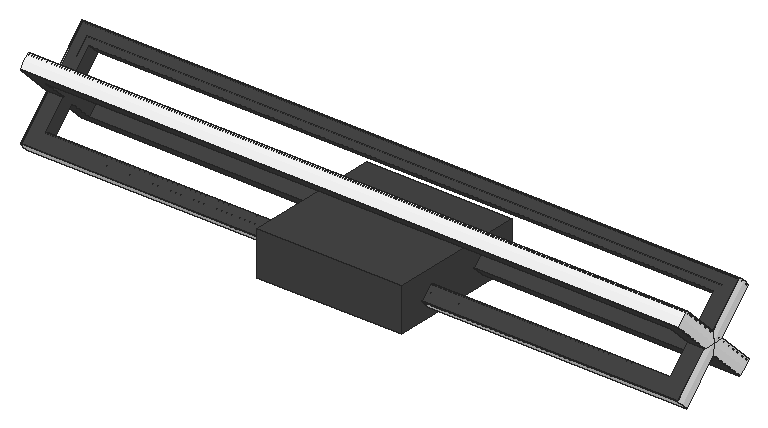
Revit family "AFX-Cass-Led_Vanity-1", category Lighting Fixtures, host Face, Revit 2021
Family settings
  Host = Face
  Round Connector Dimension = Use Diameter
  Part Type = Normal
  Cut with Voids When Loaded = No
  Light Source = Yes
  Shared = No
  Room Calculation Point = No
Parameters (values of type "CSSV2404L30D1BK")
  Width = 5"
  Wattage Comments = "24W"
  Wattage = 18 W
  built-in parameter 1150110 = 1 (stored number, unit not read)
  Voltage = 120 V
  URL = "https://www.afxinc.com/"
  Type Comments = "Cass"  # constant formula
  built-in parameter 1114217 = 1 (stored number, unit not read)
  Tilt Angle = 0.00°
  built-in parameter 1150109 = 1 (stored number, unit not read)
  built-in parameter 1150134 = (empty or 0)
  built-in parameter 1150113 = 1 (stored number, unit not read)
  Revit File Built By = "https://servex-us.com/servex-revit/"
  Product Documentation Link = "https://www.afxinc.com/products/productDetail.cfm?productID=1571"
  Photometric Web File = "CSSV2404L30D1xx_IES.IES"
  Model = "CSSV2404L30D1BK"
  Manufacturer = "AFX Inc"  # constant formula
  built-in parameter 1150105 = 269.36 (stored number, unit not read)
  Lumens = 2673.76 lm
  built-in parameter 1150115 = 1 (stored number, unit not read)
  built-in parameter 1150137 = (empty or 0)
  built-in parameter 1150139 = (empty or 0)
  Length = 24"
  built-in parameter 1150112 = 1 (stored number, unit not read)
  built-in parameter 1150114 = 1 (stored number, unit not read)
  Keynote = "12500"  # constant formula
  built-in parameter 1150132 = (empty or 0)
  built-in parameter 1150102 = (empty or 0)
  built-in parameter 1150107 = 3000 (stored number, unit not read)
  built-in parameter 1150138 = (empty or 0)
  built-in parameter 1150106 = 2.6936 (stored number, unit not read)
  Height = 4"
  Frame Finish = AFX - Aluminum Black
  built-in parameter 1150104 = 13.8 (stored number, unit not read)
  Dist Led = 12"
  Dimming Lamp Color Temperature Shift = <None>
  Diffuser Finish = AFX - White Acrylic
  Description = "Contemporary LED vanity with four sided illumination White acrylic diffuser - 5\"W x 24\"L x 4\"H"
  Default Elevation = 48"
  Cord Finish = AFX - Plastic Black
  Colour Rendering Index = "90CRI"
  Color Filter = 16777215
  Canopy Finish = AFX - Aluminum Black
  built-in parameter 1114218 = 1 (stored number, unit not read)
  built-in parameter 1150133 = 10 (stored number, unit not read)
  Assembly Code = "D5020200"
  Apparent Load = 0 VA
Types (3): name | Photometric Web File | Model | Length | Dist Led | Description
  (no name) | "CSSV2404L30D1xx_IES.IES" | "CSSV2404L30D1BK" | 24" | 12" | "Contemporary LED vanity with four sided illumination White acrylic diffuser - 5\"W x 24\"L x 4\"H"
  CSSV2404L30D1BK | "CSSV2404L30D1xx_IES.IES" | "CSSV2404L30D1BK" | 24" | 12" | "Contemporary LED vanity with four sided illumination White acrylic diffuser - 5\"W x 24\"L x 4\"H"
  CSSV3604L30D1BK | "CSSV3604L30D1xx_IES.IES" | "CSSV3604L30D1BK" | 36" | 10" | "Contemporary LED vanity with four sided illumination White acrylic diffuser - 5\"W x 36\"L x 4\"H"
Reference planes (in)
  plane 1 "Center (Front/Back)": y = 0
  plane 2: z = 0
  plane 3 "Center (Left/Right)": x = 0
  plane 4: z = 1.57483
  plane 5: z = 1.88554
  plane 6: x = -12
  plane 7: x = 12
  plane 8: y = -2.5
  plane 9: y = 2.5
Forms (in)
  Extrusion 1, solid, material "AFX - Aluminum Black" <- "Canopy Finish"
    sketch origin (0, 0, 0) x (0, 1, 0) y (-1, 0, 0)
      loop
        line (-2.5, 2.63819) -> (-2.5, -2.63819) -> (2.5, -2.63819) -> (2.5, 2.63819) -> (-2.5, 2.63819)
    from 0 to 1.57483
  Sweep 2, solid, material "AFX - White Acrylic" <- "Diffuser Finish"
    path origin (180, -1.58642, 3.08222) x (0, -0.707107, 0.707107) y (1, 0, 0)
      loop
        line (-3.937, -177.36181) -> (-3.937, -168.03906) -> (0, -168.03906) -> (0, -191.96094) -> (-3.937, -191.96094) -> (-3.937, -182.63819)
    profile origin (0, -1.58642, 3.08222) x (0, -0.707107, 0.707107) y (0, 0.707107, 0.707107)
      loop
        line (0.01563, 0.54331) -> (-0.01562, 0.54331) -> (-0.01562, 0.00787) -> (0.01563, 0.00787)
        arc (0.01563, 0.00787) -> (0.03874, 0.27559) -> (0.01563, 0.54331) r 1.56162
  Sweep 3, solid, material "AFX - White Acrylic" <- "Diffuser Finish"
    path origin (180, 1.58642, 3.08222) x (0, 0.707107, 0.707107) y (-1, 0, 0)
      loop
        line (-3.937, 177.36181) -> (-3.937, 168.03906) -> (0, 168.03906) -> (0, 191.96094) -> (-3.937, 191.96094) -> (-3.937, 182.63819)
    profile origin (0, 1.58642, 3.08222) x (0, -0.707107, -0.707107) y (0, -0.707107, 0.707107)
      loop
        arc (-0.01563, 0.54331) -> (-0.03874, 0.27559) -> (-0.01563, 0.00787) r 1.56162
        line (-0.01563, 0.00787) -> (0.01562, 0.00787) -> (0.01562, 0.54331) -> (-0.01563, 0.54331)
  Sweep 4, solid, material "AFX - Aluminum Black" <- "Frame Finish"
    path origin (180, -1.58642, 3.08222) x (0, -0.707107, 0.707107) y (1, 0, 0)
      loop
        line (-3.92137, -177.36181) -> (-3.92137, -168.05469) -> (-0.01563, -168.05469) -> (-0.01563, -191.94531) -> (-3.92137, -191.94531) -> (-3.92137, -182.63819)
    profile origin (0, -1.57537, 3.07117) x (0, -0.707107, 0.707107) y (0, 0.707107, 0.707107)
      loop
        line (0.01563, 0.55118) -> (-0.57492, 0.55118) -> (-0.57492, 0) -> (0.01563, 0) -> (0.01563, 0.05512) -> (-0.29933, 0.05512) -> (-0.29933, 0.49606) -> (0.01563, 0.49606) -> (0.01563, 0.55118)
      loop
        line (-0.3387, 0.49606) -> (-0.53555, 0.49606) -> (-0.53555, 0.05512) -> (-0.3387, 0.05512) -> (-0.3387, 0.49606)
  Sweep 5, solid, material "AFX - Aluminum Black" <- "Frame Finish"
    path origin (180, 1.58642, 3.08222) x (0, 0.707107, 0.707107) y (-1, 0, 0)
      loop
        line (-3.92137, 182.63819) -> (-3.92137, 191.94531) -> (-0.01563, 191.94531) -> (-0.01563, 168.05469) -> (-3.92138, 168.05469) -> (-3.92138, 177.36181)
    profile origin (0, 1.57537, 3.07117) x (0, 0.707107, 0.707107) y (0, -0.707107, 0.707107)
      loop
        line (0.01563, 0.55118) -> (-0.57492, 0.55118) -> (-0.57492, 0) -> (0.01563, 0) -> (0.01563, 0.05512) -> (-0.29933, 0.05512) -> (-0.29933, 0.49606) -> (0.01563, 0.49606) -> (0.01563, 0.55118)
      loop
        line (-0.3387, 0.49606) -> (-0.53555, 0.49606) -> (-0.53555, 0.05512) -> (-0.3387, 0.05512) -> (-0.3387, 0.49606)
Cuts and joins
  joined: Sweep 4, Sweep 5
  joined: Sweep 2, Sweep 3
Lines and regions (in)
  symbolic lines
    curve 1: line (-2.63819, -2.5, 0) -> (-2.63819, 2.5, 0)
    curve 2: line (2.63819, -2.5, 0) -> (-2.63819, -2.5, 0)
    curve 3: line (2.63819, 2.5, 0) -> (2.63819, -2.5, 0)
    curve 4: line (-2.63819, 2.5, 0) -> (2.63819, 2.5, 0)
    curve 5: line (2.63819, 0, 0) -> (2.63819, 0, 1.57483)
    curve 6: line (2.63819, 0, 1.57483) -> (-2.63819, 0, 1.57483)
    curve 7: line (-2.63819, 0, 1.57483) -> (-2.63819, 0, 0)
    curve 8: spline (11.97656, 0, 3.47744) -> (11.98359, 0, 3.45135) -> (11.98936, 0, 3.42411) -> (11.99386, 0, 3.39576) -> (11.99708, 0, 3.36634) -> (11.99901, 0, 3.33591) -> (11.99965, 0, 3.30451) -> (11.99901, 0, 3.2722) -> (11.99708, 0, 3.23902) -> (11.99386, 0, 3.20504) -> (11.98936, 0, 3.17032) -> (11.98359, 0, 3.13489) -> (11.97656, 0, 3.09884)
    curve 9: spline (11.97656, 0, 0.29286) -> (11.98361, 0, 0.31896) -> (11.98939, 0, 0.34622) -> (11.9939, 0, 0.37458) -> (11.99713, 0, 0.404) -> (11.99906, 0, 0.43444) -> (11.99971, 0, 0.46584) -> (11.99906, 0, 0.49815) -> (11.99713, 0, 0.53131) -> (11.9939, 0, 0.56529) -> (11.98939, 0, 0.60001) -> (11.98361, 0, 0.63542) -> (11.97656, 0, 0.67147)
    curve 10: line (11.97656, 0, 0.67147) -> (11.97656, 0, 3.09884)
    curve 11: line (12, 0, 3.30078) -> (12, 0, 0.46352)
    curve 12: line (-11.97656, 0, 3.47744) -> (11.97656, 0, 3.47744)
    curve 13: line (2.63819, 0, 0.29286) -> (11.97656, 0, 0.29286)
    curve 14: line (2.63819, 0, 1.10566) -> (11.37039, 0, 1.10566)
    curve 15: line (11.37039, 0, 1.10566) -> (11.37039, 0, 2.66464)
    curve 16: line (11.37039, 0, 2.66464) -> (-11.37039, 0, 2.66464)
    curve 17: line (-11.37039, 0, 1.10566) -> (-2.63819, 0, 1.10566)
    curve 18: line (-11.37039, 0, 1.10566) -> (-11.37039, 0, 2.66464)
    curve 19: spline (-11.97656, 0, 3.47744) -> (-11.98361, 0, 3.45134) -> (-11.98939, 0, 3.42409) -> (-11.9939, 0, 3.39572) -> (-11.99713, 0, 3.3663) -> (-11.99906, 0, 3.33587) -> (-11.99971, 0, 3.30447) -> (-11.99906, 0, 3.27216) -> (-11.99713, 0, 3.23899) -> (-11.9939, 0, 3.20501) -> (-11.98939, 0, 3.17029) -> (-11.98361, 0, 3.13488) -> (-11.97656, 0, 3.09884)
    curve 20: spline (-11.97656, 0, 0.29286) -> (-11.98359, 0, 0.31895) -> (-11.98936, 0, 0.34619) -> (-11.99386, 0, 0.37455) -> (-11.99708, 0, 0.40396) -> (-11.99901, 0, 0.4344) -> (-11.99965, 0, 0.46579) -> (-11.99901, 0, 0.49811) -> (-11.99708, 0, 0.53128) -> (-11.99386, 0, 0.56526) -> (-11.98936, 0, 0.59999) -> (-11.98359, 0, 0.63541) -> (-11.97656, 0, 0.67147)
    curve 21: line (-11.97656, 0, 0.29286) -> (-2.63819, 0, 0.29286)
    curve 22: line (-12, 0, 0.46787) -> (-12, 0, 3.3234)
    curve 23: line (11.97656, 0, 3.09884) -> (-11.97656, 0, 3.09884)
    curve 24: line (11.97656, 0, 0.67147) -> (2.63819, 0, 0.67147)
    curve 25: line (-2.63819, 0, 0.67147) -> (-11.97656, 0, 0.67147)
Dimensions and locks (in)
  locked: plane 2 to plane 4 at 1.57483
  Extrusion 1 sketch curve to Extrusion 1 sketch curve = 5"
  Extrusion 1 sketch curve to Extrusion 1 sketch curve = 5.27638"
  "Length": plane 6 to plane 7
  "Width": plane 8 to plane 9
  locked: Sweep 2 sketch curve to plane 6 at 0.03906
  locked: Sweep 2 sketch curve to plane 7 at 0.03906
  locked: plane 6 to Sweep 3 sketch curve at 0.03906
  locked: Sweep 3 sketch curve to plane 7 at 0.03906
  profile plane to Sweep 4 sketch curve to Sweep 4 sketch curve to Sweep 4 sketch curve = 0.05512" locked, 0.44094" locked, 0.05512" locked
  Sweep 4 sketch curve to Sweep 4 sketch curve to Sweep 4 sketch curve to Sweep 4 sketch curve to profile plane to Sweep 4 sketch curve = 0.03937" locked, 0.19685" locked, 0.03937" locked, 0.29934" locked, 1/64" locked
  Sweep 5 sketch curve to Sweep 5 sketch curve to Sweep 5 sketch curve = 0.44094" locked, 0.05512" locked
  Sweep 5 sketch curve to Sweep 5 sketch curve to Sweep 5 sketch curve to Sweep 5 sketch curve to profile plane to Sweep 5 sketch curve = 0.03937" locked, 0.19685" locked, 0.03937" locked, 0.29934" locked, 1/64" locked
  Sweep 3 sketch curve to Sweep 3 sketch curve to Sweep 3 sketch curve = 0.26772" locked, 0.26772" locked
  Sweep 3 sketch curve to profile plane to Sweep 3 sketch curve to Sweep 3 sketch curve = 1/64" locked, 1/64" locked, 1.50725" locked
  locked: Sweep 2 sketch curve to Sweep 2 sketch curve at 0.53543
  locked: Sweep 2 sketch curve to profile plane at 0.01562
  equal spacing: plane 6, plane 3 "Center (Left/Right)", plane 7
  equal spacing: plane 9, plane 1 "Center (Front/Back)", plane 8
  "Dist Led": plane 4 to imposter light
  aligned and locked: plane 2 to host face
  aligned and locked: level to host face
  aligned and locked: Extrusion 1 to plane 2
  aligned and locked: Extrusion 1 to plane 4
  aligned and locked: plane 3 "Center (Left/Right)" to imposter light
  aligned and locked: plane 1 "Center (Front/Back)" to imposter light
  aligned and locked: Extrusion 1 sketch curve to plane 8
  aligned and locked: curve 1 to Extrusion 1
  aligned and locked: curve 2 to plane 8
  aligned and locked: curve 4 to plane 9
  aligned and locked: curve 3 to Extrusion 1
  aligned and locked: Sweep 4 sketch curve to Sweep 4 sketch curve  (x3)
  aligned and locked: Sweep 5 sketch curve to Sweep 3  (x5)
  aligned and locked: Sweep 5 sketch curve to Sweep 5 sketch curve  (x3)
  aligned and locked: curve 5 to Extrusion 1
  aligned and locked: curve 6 to Extrusion 1
  aligned and locked: curve 7 to Extrusion 1
  aligned and locked: curve 10 to cut or joined group of Sweep 2, Sweep 3
  aligned and locked: curve 11 to plane 7
  aligned and locked: curve 12 to cut or joined group of Sweep 2, Sweep 3
  aligned and locked: curve 13 to cut or joined group of Sweep 2, Sweep 3
  aligned and locked: curve 14 to cut or joined group of Sweep 4, Sweep 5
  aligned and locked: curve 16 to cut or joined group of Sweep 4, Sweep 5
  aligned and locked: curve 17 to cut or joined group of Sweep 4, Sweep 5
  aligned and locked: cut or joined group of Sweep 4, Sweep 5 to curve 18
  aligned and locked: curve 21 to cut or joined group of Sweep 2, Sweep 3
  aligned and locked: plane 6 to curve 22
  aligned and locked: curve 23 to cut or joined group of Sweep 2, Sweep 3
  aligned and locked: curve 24 to cut or joined group of Sweep 2, Sweep 3
  aligned and locked: curve 25 to cut or joined group of Sweep 2, Sweep 3
Automatic sketch dimensions
  host sketch curve to host sketch curve = 96"  (x2)
  plane 3 "Center (Left/Right)" to Extrusion 1 sketch curve = 2.63819"
  Sweep 2 sketch curve to Sweep 2 sketch curve = 0"
  Sweep 2 sketch curve to Sweep 2 sketch curve = 3.937"
  Sweep 2 sketch curve to plane 3 "Center (Left/Right)" = 2.63819"
  plane 3 "Center (Left/Right)" to Sweep 2 sketch curve = 2.63819"
  Sweep 3 sketch curve to Sweep 3 sketch curve = 0"
  Sweep 3 sketch curve to Sweep 3 sketch curve = 3.937"
  plane 3 "Center (Left/Right)" to Sweep 3 sketch curve = 2.63819"
  Sweep 3 sketch curve to plane 3 "Center (Left/Right)" = 2.63819"
  plane 7 to Sweep 4 sketch curve = 7/128"
  Sweep 4 sketch curve to plane 6 = 7/128"
  Sweep 4 sketch curve to Sweep 4 sketch curve = 0"
  Sweep 4 sketch curve to Sweep 4 sketch curve = 3.90575"
  Sweep 4 sketch curve to plane 3 "Center (Left/Right)" = 2.63819"
  plane 3 "Center (Left/Right)" to Sweep 4 sketch curve = 2.63819"
  Sweep 4 sketch curve to profile plane = 0"
  plane 3 "Center (Left/Right)" to Sweep 5 sketch curve = 2.63819"
  Sweep 5 sketch curve to plane 3 "Center (Left/Right)" = 2.63819"
  curve 7 to level = 0"
  curve 5 to level = 0"
  curve 12 to plane 6 = 3/128"
  curve 21 to plane 6 = 3/128"
  plane 7 to curve 15 = 0.62961"
  plane 7 to curve 13 = 3/128"
  plane 7 to curve 12 = 3/128"
  curve 20 to plane 6 = 3/128"
  curve 19 to plane 6 = 3/128"
  curve 19 to plane 6 = 37/256"
  level to curve 20 = 0.11366"
  curve 20 to plane 6 = 0.14477"
  curve 9 to curve 14 = 0.15824"
  curve 8 to curve 15 = 0.15635"
  plane 7 to curve 8 = 0.14477"
  level to curve 9 = 0.11382"
  curve 9 to curve 11 = 0.17067"
  curve 20 to curve 22 = 0.17501"
  curve 16 to curve 19 = 0.08432"
  curve 11 to curve 12 = 0.17667"
  curve 22 to curve 12 = 0.15404"
Connectors (in)
  electrical at (0, 0, 0), driven by "Voltage", driven by "Apparent Load"
    settings: on Extrusion 1, index 1, voltage 120 V, apparent load 0 VA, apparent load phase1 0 VA, apparent load phase2 0 VA, apparent load phase3 0 VA, power factor 1, load classification "Lighting", number of poles 1, system type 31, power factor state 1, is connector primary yes, connector utility no, sub classification motor no, connector description ""
